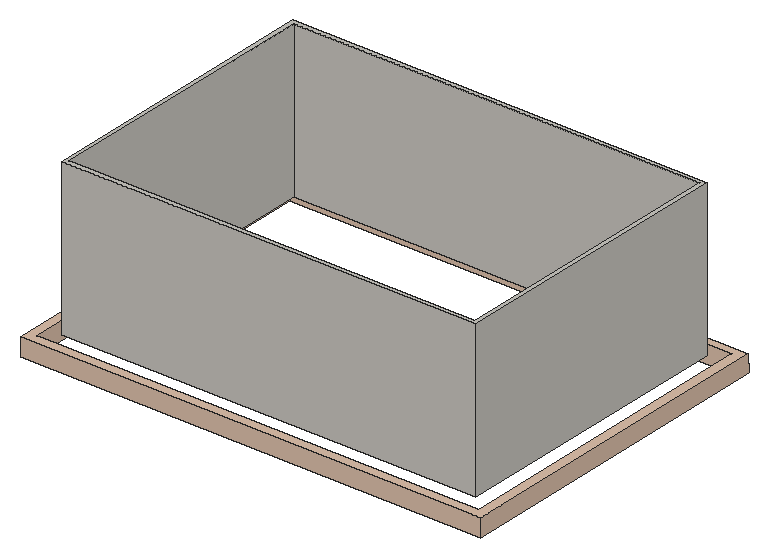
Revit family "Formwork-Plywood-Foundation Cap-Type 1-[4QTO]", category Site, Revit 2017
Family settings
  Round Connector Dimension = Use Diameter
  Part Type = Normal
  Work Plane-Based = No
  Always vertical = Yes
  Cut with Voids When Loaded = No
  Shared = No
Parameters
  Width [instance] = 2280 mm
  Length [instance] = 1577.817 mm
  LC thickness = 100 mm
  LC offset = 100 mm
  Height [instance] = 869.917 mm
Reference planes
  plane 1 "Center (Front/Back)": y = 0
  plane 2: z = 0
  plane 3 "Center (Left/Right)": x = 0
  plane 4: y = 788.908
  plane 5: x = -1140
  plane 6: y = -788.908
  plane 7: x = 1140
  plane 8 "f bottom": z = -869.917
  plane 9: y = 888.908
  plane 10: y = -888.908
  plane 11: x = -1240
  plane 12: x = 1240
  plane 13 "lc bottom": z = -969.917
Forms (mm)
  Extrusion 1, solid
    sketch origin (0, 0, -869.917) x (0, 1, 0) y (-1, 0, 0)
      loop
        line (788.908, 1140) -> (-788.908, 1140) -> (-788.908, -1140) -> (788.908, -1140) -> (788.908, 1140)
      loop
        line (-808.908, 1160) -> (-808.908, -1160) -> (808.908, -1160) -> (808.908, 1160) -> (-808.908, 1160)
    from 0 to 869.917 <- "Height"
  Extrusion 2, solid
    sketch origin (0, 0, -969.917) x (0, 1, 0) y (-1, 0, 0)
      loop
        line (888.908, 1240) -> (-888.908, 1240) -> (-888.908, -1240) -> (888.908, -1240) -> (888.908, 1240)
      loop
        line (-938.908, 1290) -> (-938.908, -1290) -> (938.908, -1290) -> (938.908, 1290) -> (-938.908, 1290)
    from 0 to 100 <- "LC thickness"
Dimensions and locks
  equal spacing: plane 4, plane 1 "Center (Front/Back)", plane 6
  equal spacing: plane 5, plane 3 "Center (Left/Right)", plane 7
  "Width": plane 5 to plane 7
  "Length": plane 4 to plane 6
  "Height": plane 8 "f bottom" to level
  "LC offset": plane 7 to plane 12
  "LC offset": plane 9 to plane 4
  "LC offset": plane 11 to plane 5
  "LC offset": plane 6 to plane 10
  "LC thickness": plane 13 "lc bottom" to plane 8 "f bottom"
  aligned and locked: level to plane 2
Automatic sketch dimensions
  plane 10 to Extrusion 2 sketch curve = 0 mm
  Extrusion 2 sketch curve to plane 9 = 0 mm
  Extrusion 2 sketch curve to plane 12 = 0 mm
  Extrusion 2 sketch curve to plane 11 = 0 mm
  plane 10 to Extrusion 2 sketch curve = 50 mm
  plane 9 to Extrusion 2 sketch curve = 50 mm
  plane 12 to Extrusion 2 sketch curve = 50 mm
  Extrusion 2 sketch curve to plane 11 = 50 mm
  Extrusion 1 sketch curve to plane 5 = 0 mm
  Extrusion 1 sketch curve to plane 6 = 0 mm
  Extrusion 1 sketch curve to plane 4 = 0 mm
  Extrusion 1 sketch curve to plane 7 = 0 mm
  Extrusion 1 sketch curve to plane 6 = 20 mm
  plane 4 to Extrusion 1 sketch curve = 20 mm
  plane 7 to Extrusion 1 sketch curve = 20 mm
  Extrusion 1 sketch curve to plane 5 = 20 mm
